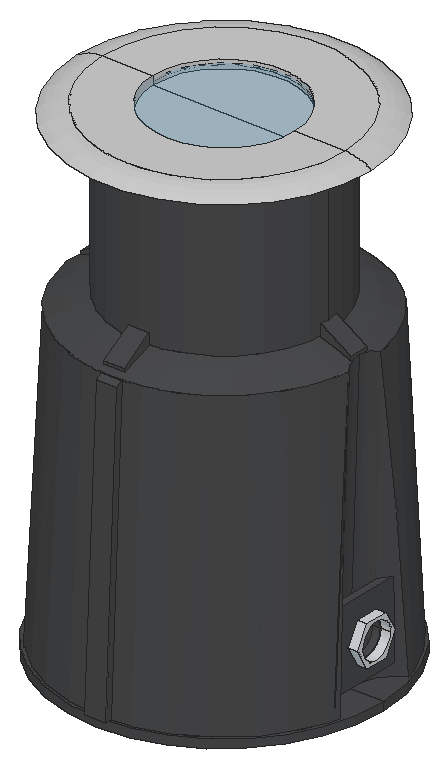
Revit family "MINI UNDERWATER 3W SIMETRICA_LKS01WW.30_CW.30", category Luminarias, Revit 2019
Family settings
  Cota de conector redondo = Diámetro de uso
  Tipo de pieza = Normal
  Se basa en plano de trabajo = Sí
  Siempre vertical = No
  Corte con vacíos al cargar = No
  Origen de luz = Sí
  Compartido = No
  Punto de cálculo de habitación = No
Parameters (values of type "SUB_LKSC01CW.30")
  Ángulo de inclinación = 30.00°
  Ángulo de enfoque = 30.00°
  Ángulo de campo de foco = 30.00°
  Zone [instance] = ""
  Watt per fixture = 3
  Wattage = 3 W
  built-in parameter 1150107 = 6000 (stored number, unit not read)
  built-in parameter 1150110 = 1 (stored number, unit not read)
  built-in parameter 1150109 = 1 (stored number, unit not read)
  built-in parameter 1150112 = 1 (stored number, unit not read)
  built-in parameter 1150113 = 1 (stored number, unit not read)
  built-in parameter 1114218 = 1 (stored number, unit not read)
  Keynote = ""
  built-in parameter 1150137 = (empty or 0)
  built-in parameter 1150132 = (empty or 0)
  Modelo = "LKSC01CW.30"
  Lámpara = "OSRAM"
  Longitud de símbolo de origen de luz = 500 mm
  built-in parameter 1150105 = 1124.4 (stored number, unit not read)
  built-in parameter 1150102 = (empty or 0)
  built-in parameter 1150106 = 11.244 (stored number, unit not read)
  Lumens = 174 lm
  Color Filter = 16777215
  built-in parameter 1114217 = 1 (stored number, unit not read)
  built-in parameter 1150139 = (empty or 0)
  Fabricante = "BRILLANT"
  Default Elevation = 0 mm
  built-in parameter 1150104 = 5.3884 (stored number, unit not read)
  Descripción = "LUMINARIA SUB ACUATICA TIPO PUNTUAL PARA EMPOTRAR EN PISO 68.5MM DE DIAMETRO POR 135MM DE ALTO CONSIDERANDO EL HOUSING, ACABADO EN ACERO INOXIDABLE, CUERPO MOLDEADO EN CROMO, SELLO DE SILICON, VIDRIO TEMPLADO DE 7MM, 1 LED TIPO OSRAM CON UN CONSUMO TOTAL DE 3 W, 174 LUMENES, CON UNA TEMPERATURA EN BLANCO FRIO 6000K , IP 68, IK 08, SUMERGIBLE MAXIMO 2M, CABLE H07RN DE 3M, APERTURA EN STOCK A 30 GRADOS, ALIMENTADA A 24V. REQUIERE ACCESORIOS."
  built-in parameter 1150115 = 1 (stored number, unit not read)
  built-in parameter 1150114 = 1 (stored number, unit not read)
  Comentarios de vataje = "24V"
  built-in parameter 1150138 = (empty or 0)
  built-in parameter 1150134 = 5
  Circuit [instance] = ""
  Dimming Lamp Color Temperature Shift = (empty or 0)
  built-in parameter 1150133 = 10 (stored number, unit not read)
Types (2, lengths in mm): name | built-in parameter 1150107 | Modelo | built-in parameter 1150105 | built-in parameter 1150106 | Lumens | built-in parameter 1150104 | Descripción | built-in parameter 1150134
  SUB_LKSC01WW.30 | 3000 (stored number, unit not read) | "LKSC01WW.30" | 898.2 (stored number, unit not read) | 8.982 (stored number, unit not read) | 138.99 lm | 4.3042 (stored number, unit not read) | "LUMINARIA SUB ACUATICA TIPO PUNTUAL PARA EMPOTRAR EN PISO 68.5MM DE DIAMETRO POR 135MM DE ALTO CONSIDERANDO EL HOUSING, ACABADO EN ACERO INOXIDABLE, CUERPO MOLDEADO EN CROMO, SELLO DE SILICON, VIDRIO TEMPLADO DE 7MM, 1 LED TIPO OSRAM CON UN CONSUMO TOTAL DE 3 W, 139 LUMENES, CON UNA TEMPERATURA EN BLANCO CALIDO 3000K , IP 68, IK 08, SUMERGIBLE MAXIMO 2M, CABLE H07RN DE 3M, APERTURA EN STOCK A 30 GRADOS, ALIMENTADA A 24V. REQUIERE ACCESORIOS." | (empty or 0)
  SUB_LKSC01CW.30 | 6000 (stored number, unit not read) | "LKSC01CW.30" | 1124.4 (stored number, unit not read) | 11.244 (stored number, unit not read) | 174 lm | 5.3884 (stored number, unit not read) | "LUMINARIA SUB ACUATICA TIPO PUNTUAL PARA EMPOTRAR EN PISO 68.5MM DE DIAMETRO POR 135MM DE ALTO CONSIDERANDO EL HOUSING, ACABADO EN ACERO INOXIDABLE, CUERPO MOLDEADO EN CROMO, SELLO DE SILICON, VIDRIO TEMPLADO DE 7MM, 1 LED TIPO OSRAM CON UN CONSUMO TOTAL DE 3 W, 174 LUMENES, CON UNA TEMPERATURA EN BLANCO FRIO 6000K , IP 68, IK 08, SUMERGIBLE MAXIMO 2M, CABLE H07RN DE 3M, APERTURA EN STOCK A 30 GRADOS, ALIMENTADA A 24V. REQUIERE ACCESORIOS." | 5
Reference planes
  plane 1 "Centro (Frontal/Posterior)": y = 0
  plane 2: z = 0
  plane 3 "Centro (Izquierda/Derecha)": x = 0
  plane 4: z = -135
  plane 5: x = -653.678
  plane 6: x = 600
  plane 7: z = -77
  plane 8: z = -93
Forms (mm)
  Revolve 1, solid, material "Acero Inoxidable"
    sketch origin (0, 0, 0) x (1, 0, 0) y (0, 0, 1)
      loop
        line (-20, 2.379) -> (-34.2, 2.379)
        arc (-34.2, 2.379) -> (-37.988, 1.769) -> (-41.393, 0) r 12.065
        line (-41.393, 0) -> (-20.59, 0) -> (-20.59, -8.098)
        arc (-20.59, -8.098) -> (-19.091, -9.597) -> (-20.59, -11.095) r 1.499
        line (-20.59, -11.095) -> (-20.59, -19.348)
        arc (-20.59, -19.348) -> (-19.091, -20.847) -> (-20.59, -22.345) r 1.499
        line (-20.59, -22.345) -> (-20.59, -24.348)
        arc (-20.59, -24.348) -> (-19.091, -25.847) -> (-20.59, -27.345) r 1.499
        line (-20.59, -27.345) -> (-20.59, -83.051) -> (0, -83.051) -> (0, 0) -> (-20, 0) -> (-20, 2.379)
      axis (0, 2.379) -> (0, -83.051)
    angle from 0 to 360
  Extrusion 2, solid, material "Cristal"
    sketch origin (0, 0, 0) x (1, 0, 0) y (0, 1, 0)
      loop
        circle (0, 0) r 20
    from 0.921 to 1.499
  Extrusion 3, solid, material "Plastico"
    sketch origin (0, 0, 0) x (1, 0, 0) y (0, 1, 0)
      loop
        circle (0, 0) r 5
    from -93 to -83.051
  Revolve 4, solid, material "Plastico"
    sketch origin (0, 0, 0) x (1, 0, 0) y (0, 0, 1)
      loop
        line (-27.167, -0.047) -> (-29.547, -0.047) -> (-29.547, -44.65)
        arc (-29.547, -44.65) -> (-34.9, -46.407) -> (-40, -48.802) r 46.304
        line (-40, -48.802) -> (-44.051, -132.6) -> (-45, -132.6) -> (-45, -135) -> (0, -135) -> (0, -132.6) -> (-32.968, -132.6) -> (-32.968, -53.781)
        arc (-32.968, -53.781) -> (-30.104, -52.633) -> (-27.167, -51.69) r 43.904
        line (-27.167, -51.69) -> (-27.167, -0.047)
      axis (0, -0.047) -> (0, -135)
    angle from 0 to 360
  Revolve 5, void
    sketch origin (0, 0, 0) x (1, 0, 0) y (0, 0, 1)
      loop
        line (-35, -132.6) -> (-38.664, -27.664) -> (-48.664, -27.664) -> (-48.664, -132.6) -> (-35, -132.6)
      axis (-48.664, -27.664) -> (-48.664, -132.6)
    angle from 0 to 360
  Revolve 6, void
    sketch origin (0, 0, 0) x (-1, 0, 0) y (0, 0, 1)
      loop
        line (-35, -132.6) -> (-38.664, -27.664) -> (-48.664, -27.664) -> (-48.664, -132.6) -> (-35, -132.6)
      axis (-48.664, -27.664) -> (-48.664, -132.6)
    angle from 0 to 360
  Extrusion 7, solid, material "Plastico"
    sketch origin (0, 0, 0) x (1, 0, 0) y (0, 0, 1)
      loop
        arc (-37.962, -47.754) -> (-33.832, -46.06) -> (-29.577, -44.715) r 53.885
        line (-29.577, -44.715) -> (-29.577, -41.544) -> (-37.962, -46.912) -> (-37.962, -47.754)
      loop
        line (37.962, -47.754) -> (37.962, -46.912) -> (29.577, -41.544) -> (29.577, -44.715)
        arc (29.577, -44.715) -> (33.832, -46.06) -> (37.962, -47.754) r 53.885
    from -2.75 to 2.986
  Extrusion 8, solid, material "Plastico"
    sketch origin (-0.118, -0.117, 0) x (0.011045, 0.999939, 0) y (0, 0, 1)
      loop
        arc (-37.962, -47.754) -> (-33.832, -46.06) -> (-29.577, -44.715) r 53.885
        line (-29.577, -44.715) -> (-29.577, -41.544) -> (-37.962, -46.912) -> (-37.962, -47.754)
      loop
        line (37.962, -47.754) -> (37.962, -46.912) -> (29.577, -41.544) -> (29.577, -44.715)
        arc (29.577, -44.715) -> (33.832, -46.06) -> (37.962, -47.754) r 53.885
    from -2.75 to 2.986
  Extrusion 9, solid, material "Plastico"
    sketch origin (0, 0, 0) x (0, 1, 0) y (0, 0, 1)
      loop
        arc (-40, -48.802) -> (-40.885, -49.336) -> (-41.755, -49.894) r 37.424
        line (-41.755, -49.894) -> (-45.753, -132.6) -> (-44.051, -132.6) -> (-40, -48.802)
      loop
        line (40, -48.802) -> (44.051, -132.6) -> (45.753, -132.6) -> (41.755, -49.894)
        arc (41.755, -49.894) -> (40.885, -49.336) -> (40, -48.802) r 37.424
    from -2.494 to 3.257
  Extrusion 10, solid
    sketch origin (0, 0, 0) x (0, 1, 0) y (0, 0, 1)
      loop
        circle (0, -118) r 5
      loop
        line (-6.536, -118) -> (-3.268, -123.66) -> (3.268, -123.66) -> (6.536, -118) -> (3.268, -112.34) -> (-3.268, -112.34) -> (-6.536, -118)
    from 40.027 to 42.913
  Extrusion 11, void
    sketch origin (0, 0, 0) x (0, 1, 0) y (0, 0, 1)
      loop
        circle (0, -118) r 5
    from 0 to 48.118
  Extrusion 12, solid, material "Plastico"
    sketch origin (0, 0, 0) x (0, 1, 0) y (0, 0, 1)
      loop
        line (9.638, -128.761) -> (9.638, -106.835) -> (-9.638, -106.835) -> (-9.638, -128.761) -> (9.638, -128.761)
    from 37.962 to 40.027
  Extrusion 13, void
    sketch origin (0, 0, 0) x (0, 1, 0) y (0, 0, 1)
      loop
        circle (0, -118) r 5
    from 0 to 44.792
Cuts and joins
  Revolve 5, Revolve 6, Extrusion 11, Extrusion 13 cuts Revolve 4
  Extrusion 13 cuts Extrusion 10
  Extrusion 13 cuts Extrusion 12
Dimensions and locks
  plane 2 to plane 4 = 135 mm
  level to plane 4 = 135 mm
  level to plane 7 = 77 mm
  plane 2 to plane 8 = 93 mm
  Revolve 4 sketch curve to Revolve 4 sketch curve = 27.167 mm
  aligned and locked: level to plane 2
Connectors
  electrical at (42.913, 0, -118)
    settings: on cut or joined group of Extrusion 10, Extrusion 13, index 1, voltage 24 V, apparent load 0 VA, apparent load phase1 0 VA, apparent load phase2 0 VA, apparent load phase3 0 VA, power factor 1, load classification "Otro", number of poles 1, system type 31, power factor state 1, is connector primary yes, connector utility no, sub classification motor no, connector description ""
